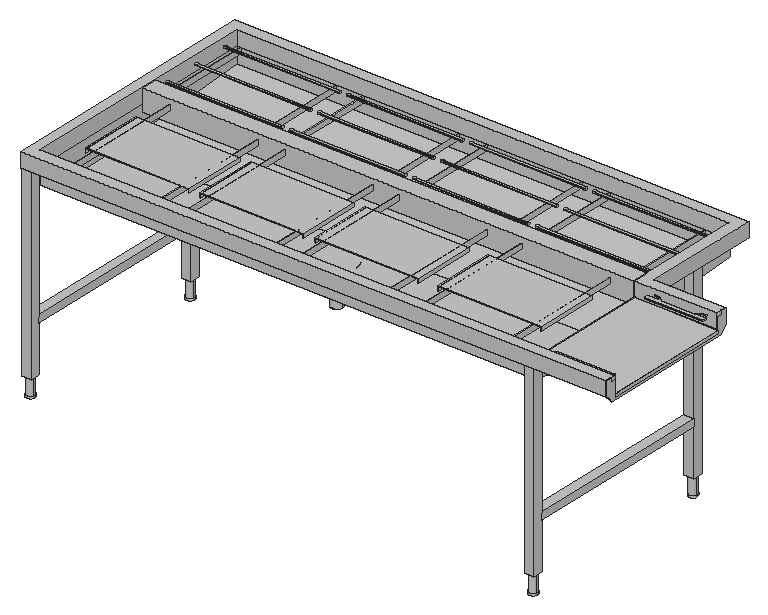
Revit family "QF_ELECTROLUXPROFESSIONAL_865466_HSDDS4RL", category Specialty Equipment, Revit 2018
Family settings
  Round Connector Dimension = Use Diameter
  Part Type = Normal
  Work Plane-Based = No
  Always vertical = Yes
  Cut with Voids When Loaded = No
  Shared = No
  Room Calculation Point = No
Parameters
  Weight = 0.00 kg
  Watts = 0 W
  Volts = 0 V
  URL Manufacturer = ""
  Steam Supply Size = 0 mm
  Steam Supply Minimum Pressure = 0.0 Pa
  Steam Supply Maximum Pressure = 0.0 Pa
  Steam Pounds per Hour = 0
  Refrigeration Suction Line Size = 0 mm
  Refrigeration Liquid Line Size = 0 mm
  Refrigerant Compressor Remote = yes
  Phase = 0
  Length Actual = 0 mm
  Item Number = ""
  Hot Water Size = 0 mm
  Height Actual = 0 mm
  HP = ""
  Gas Size = 0 mm
  Gas KW = 0
  Gas Input Pressure = 0 W
  Depth Actual = 0 mm
  Cycle = 0 Hz
  Condensate Return Size = 0 mm
  Compressed Air Volume = 0.0 L/s
  Compressed Air Size = 0 mm
  Compressed Air Pressure = 0.0 Pa
  Cold Water Size = 0 mm
  Accessory = yes
Reference planes
  plane 1: z = 0
  plane 2 "R": x = 810
  plane 3: z = 910
  plane 4: z = 0
  plane 5: z = 300
  plane 6 "BACK": y = 310
  plane 7 "FRONT": y = -800
  plane 8 "LEFT": x = -1320
  plane 9: x = -255
  plane 10: y = -310
  plane 11 "RIGHT": x = 1110
Forms (mm)
  Extrusion 1, solid, material "QF_Finishes_Stainless Steel"
    sketch origin (0, -490, 0) x (-1, 0, 0) y (0, -1, 0)
      loop
        line (1320, -800) -> (1320, 310) -> (-1107.022, 310) -> (-1107.022, 265) -> (1275, 265) -> (1275, -755) -> (-765, -755) -> (-765, -265) -> (-1107.022, -265) -> (-1107.022, -310) -> (-810, -310) -> (-810, -800) -> (1320, -800)
    from 850.091 to 910
  Extrusion 2, solid, material "QF_Finishes_Stainless Steel"
    sketch origin (0, -490, 0) x (0, -1, 0) y (0, 0, 1)
      loop
        line (-756.248, 850.091) -> (-756.248, 781.928) -> (-131.216, 738.138) -> (130.849, 738.138) -> (266.249, 782.13) -> (266.249, 850.091) -> (265, 850.091) -> (265, 784.879) -> (130.374, 741.138) -> (-131.111, 741.138) -> (-755, 784.848) -> (-755, 850.091) -> (-756.248, 850.091)
    from -765 to 1275
  Revolve 3, solid, material "QF_Finishes_Stainless Steel"
    sketch origin (-255, -490.526, -123.199) x (-1, 0, 0) y (0, 0, 1)
      loop
        line (76.494, 861.337) -> (0, 861.337) -> (0, 697.377) -> (21.946, 697.377) -> (23.47, 698.838) -> (23.47, 734.749) -> (37.25, 740.749) -> (37.25, 742.336) -> (38.457, 743.987) -> (38.457, 746.476)
        arc (38.457, 746.476) -> (65.844, 763.962) -> (76.494, 794.661) r 49.516
        line (76.494, 794.661) -> (76.494, 834.985)
        arc (76.494, 834.985) -> (75.887, 836.598) -> (74.377, 837.43) r 2.49
        arc (74.377, 837.43) -> (71.083, 841.301) -> (74.39, 845.16) r 3.913
        arc (74.39, 845.16) -> (75.89, 845.987) -> (76.494, 847.59) r 2.474
        line (76.494, 847.59) -> (76.494, 861.337)
      axis (0, 861.337) -> (0, 697.377)
    angle from 0 to 360
  Extrusion 4, solid, material "QF_Finishes_Stainless Steel"
    sketch origin (0, -490, 0) x (-1, 0, 0) y (0, -1, 0)
      loop
        line (-765, -330.124) -> (1275, -330.124) -> (1275, -265) -> (-765, -265) -> (-765, -330.124)
    from 820 to 910
  Extrusion 5, solid, material "QF_Finishes_Stainless Steel"
    sketch origin (6.015, -490, -602.691) x (-1, 0, 0) y (0, -1, 0)
      loop
        line (1283.015, 266.249) -> (1283.015, -521.738) -> (1323.015, -521.738) -> (1323.015, 266.249) -> (1283.015, 266.249)
    from 872.691 to 902.691
  Extrusion 6, solid, material "QF_Finishes_Stainless Steel"
    sketch origin (-1277, -490, 0) x (0, -1, 0) y (0, 0, 1)
      loop
        line (-756.248, 781.928) -> (-131.216, 738.138) -> (130.849, 738.138) -> (266.249, 782.13) -> (266.249, 850.091) -> (-756.248, 850.091) -> (-756.248, 781.928)
    from 0 to -2
  Extrusion 7, solid, material "QF_Finishes_Stainless Steel"
    sketch origin (767, -490, 0) x (0, -1, 0) y (0, 0, -1)
      loop
        line (-756.248, -850.091) -> (266.249, -850.091) -> (266.249, -782.13) -> (130.849, -738.138) -> (-131.216, -738.138) -> (-756.248, -781.928) -> (-756.248, -850.091)
    from 0 to -2
  Extrusion 8, solid, material "QF_Finishes_Stainless Steel"
    sketch origin (-516, -490.054, -598.981) x (1, 0, 0) y (0, 1, 0)
      loop
        line (1283, -266.195) -> (1323, -266.195) -> (1323, 521.792) -> (1283, 521.792) -> (1283, -266.195)
    from 869.081 to 898.981
  Extrusion 9, solid, material "QF_Finishes_Stainless Steel"
    sketch origin (0, -482.737, 2.863) x (-1, 0, 0) y (0, -1, 0)
      loop
        line (-200.029, -694.438) -> (-196.981, -694.438) -> (-196.981, -322.861) -> (-200.029, -322.861) -> (-200.029, -694.438)
      loop
        line (196.981, -694.438) -> (200.029, -694.438) -> (200.029, -322.861) -> (196.981, -322.861) -> (196.981, -694.438)
      loop
        line (1220.049, -694.438) -> (1220.049, -322.861) -> (1217.001, -322.861) -> (1217.001, -694.438) -> (1220.049, -694.438)
      loop
        line (823.039, -694.438) -> (823.039, -322.861) -> (819.991, -322.861) -> (819.991, -694.438) -> (823.039, -694.438)
      loop
        line (710.007, -694.438) -> (710.007, -322.861) -> (707.023, -322.861) -> (707.023, -694.438) -> (710.007, -694.438)
      loop
        line (312.997, -694.438) -> (312.997, -322.861) -> (310.013, -322.861) -> (310.013, -694.438) -> (312.997, -694.438)
      loop
        line (-710.071, -694.438) -> (-707.023, -694.438) -> (-707.023, -322.861) -> (-710.071, -322.861) -> (-710.071, -694.438)
      loop
        line (-313.061, -694.438) -> (-310.013, -694.438) -> (-310.013, -322.861) -> (-313.061, -322.861) -> (-313.061, -694.438)
    from 860 to 881.896
  Extrusion 10, solid, material "QF_Finishes_Stainless Steel"
    sketch origin (-2327.512, -755, 0) x (0, -1, 0) y (0, 0, -1)
      loop
        circle (-937.158, -888.745) r 3.985
      loop
        circle (-788.819, -888.745) r 3.985
      loop
        circle (-640.48, -888.745) r 3.985
    from 1067.5 to 1547.5
  Extrusion 11, solid, material "QF_Finishes_Stainless Steel"
    sketch origin (-1817.533, -755, 0) x (0, -1, 0) y (0, 0, -1)
      loop
        circle (-937.158, -888.745) r 3.985
      loop
        circle (-788.819, -888.745) r 3.985
      loop
        circle (-640.48, -888.745) r 3.985
    from 1067.5 to 1547.5
  Extrusion 12, solid, material "QF_Finishes_Stainless Steel"
    sketch origin (-1307.491, -755, 0) x (0, -1, 0) y (0, 0, -1)
      loop
        circle (-937.158, -888.745) r 3.985
      loop
        circle (-788.819, -888.745) r 3.985
      loop
        circle (-640.48, -888.745) r 3.985
    from 1067.5 to 1547.5
  Extrusion 13, solid, material "QF_Finishes_Stainless Steel"
    sketch origin (1557.022, -542.5, 35) x (0, -1, 0) y (0, 0, -1)
      loop
        line (-362.5, -815.091) -> (-362.5, -875) -> (-340, -875) -> (-340, -860) -> (-317.5, -860) -> (-317.5, -808.439) -> (212.5, -808.439) -> (212.5, -860) -> (235, -860) -> (235, -875) -> (257.5, -875) -> (257.5, -815.091) -> (229.909, -787.5) -> (-334.909, -787.5) -> (-362.5, -815.091)
    from -450 to -447.022
  Extrusion 14, solid, material "QF_Finishes_Stainless Steel"
    sketch origin (-275, 1800.751, 0) x (0, -1, 0) y (0, 0, -1)
      loop
        line (2597.773, -875) -> (2597.773, -872) -> (2557, -872) -> (2557, -875) -> (2597.773, -875)
    from 0 to 530
  Extrusion 15, solid, material "QF_Finishes_Stainless Steel"
    sketch origin (0, -490, 0) x (1, 0, 0) y (0, 0, -1)
      loop
        line (-1159.991, -862.863) -> (-1163.039, -862.863) -> (-1163.039, -884.759) -> (-1159.991, -884.759) -> (-1159.991, -862.863)
      loop
        line (-794.991, -862.863) -> (-798.039, -862.863) -> (-798.039, -884.759) -> (-794.991, -884.759) -> (-794.991, -862.863)
      loop
        line (-684.991, -862.863) -> (-688.039, -862.863) -> (-688.039, -884.759) -> (-684.991, -884.759) -> (-684.991, -862.863)
      loop
        line (-319.991, -862.863) -> (-323.039, -862.863) -> (-323.039, -884.759) -> (-319.991, -884.759) -> (-319.991, -862.863)
      loop
        line (-209.991, -862.863) -> (-213.039, -862.863) -> (-213.039, -884.759) -> (-209.991, -884.759) -> (-209.991, -862.863)
      loop
        line (155.009, -862.863) -> (151.961, -862.863) -> (151.961, -884.759) -> (155.009, -884.759) -> (155.009, -862.863)
      loop
        line (300.048, -862.863) -> (297, -862.863) -> (297, -884.759) -> (300.048, -884.759) -> (300.048, -862.863)
      loop
        line (665.048, -862.863) -> (662, -862.863) -> (662, -884.759) -> (665.048, -884.759) -> (665.048, -862.863)
    from -265 to 265
  Extrusion 16, solid, material "QF_Finishes_Stainless Steel"
    sketch origin (2.5, -490, 0) x (1, 0, 0) y (0, 0, -1)
      loop
        line (-769.039, -884.759) -> (-1193.039, -884.759) -> (-1193.039, -871.646) -> (-1196.039, -871.646) -> (-1196.039, -887.746) -> (-766.039, -887.746) -> (-766.039, -871.646) -> (-769.039, -871.646) -> (-769.039, -884.759)
    from -130.374 to 131.111
  Extrusion 17, solid, material "QF_Finishes_Stainless Steel"
    sketch origin (477.5, -490, 0) x (1, 0, 0) y (0, 0, -1)
      loop
        line (-769.039, -884.759) -> (-1193.039, -884.759) -> (-1193.039, -871.646) -> (-1196.039, -871.646) -> (-1196.039, -887.746) -> (-766.039, -887.746) -> (-766.039, -871.646) -> (-769.039, -871.646) -> (-769.039, -884.759)
    from -130.374 to 131.111
  Extrusion 18, solid, material "QF_Finishes_Stainless Steel"
    sketch origin (952.5, -490, 0) x (1, 0, 0) y (0, 0, -1)
      loop
        line (-769.039, -884.759) -> (-1193.039, -884.759) -> (-1193.039, -871.646) -> (-1196.039, -871.646) -> (-1196.039, -887.746) -> (-766.039, -887.746) -> (-766.039, -871.646) -> (-769.039, -871.646) -> (-769.039, -884.759)
    from -130.374 to 131.111
  Extrusion 19, solid, material "QF_Finishes_Stainless Steel"
    sketch origin (510, -490, 0) x (1, 0, 0) y (0, 0, -1)
      loop
        line (597.022, -843.439) -> (257, -847.567) -> (257, -850.068) -> (602.5, -846.169) -> (602.5, -833.439) -> (600, -833.439) -> (600, -843.439) -> (597.022, -843.439)
    from -266.249 to 265
  Extrusion 20, solid, material "QF_Finishes_Stainless Steel"
    sketch origin (510, -490, 0) x (1, 0, 0) y (0, 1, 0)
      loop
        line (330.912, -247.069) -> (375.912, -247.069) -> (360.435, -262.546) -> (340.435, -262.546) -> (340.435, -265) -> (361.517, -265) -> (379.448, -247.069) -> (516.464, -247.069) -> (534.395, -265) -> (555.477, -265) -> (555.477, -262.546) -> (535.477, -262.546) -> (520, -247.069) -> (565, -247.069)
        arc (565, -247.069) -> (568.536, -245.605) -> (570, -242.069) r 5
        line (570, -242.069) -> (570, -232.503)
        arc (570, -232.503) -> (568.536, -228.968) -> (565, -227.503) r 5
        line (565, -227.503) -> (330.912, -227.503)
        arc (330.912, -227.503) -> (327.376, -228.968) -> (325.912, -232.503) r 5
        line (325.912, -232.503) -> (325.912, -242.069)
        arc (325.912, -242.069) -> (327.376, -245.605) -> (330.912, -247.069) r 5
    from 884.759 to 887.746
  Extrusion 21, solid, material "QF_Finishes_Stainless Steel"
    sketch origin (510, -490, 0) x (1, 0, 0) y (0, 1, 0)
      loop
        arc (330.912, 247.069) -> (327.376, 245.605) -> (325.912, 242.069) r 5
        line (325.912, 242.069) -> (325.912, 232.503)
        arc (325.912, 232.503) -> (327.376, 228.968) -> (330.912, 227.503) r 5
        line (330.912, 227.503) -> (565, 227.503)
        arc (565, 227.503) -> (568.536, 228.968) -> (570, 232.503) r 5
        line (570, 232.503) -> (570, 242.069)
        arc (570, 242.069) -> (568.536, 245.605) -> (565, 247.069) r 5
        line (565, 247.069) -> (520, 247.069) -> (535.477, 262.546) -> (555.477, 262.546) -> (555.477, 265) -> (534.395, 265) -> (516.464, 247.069) -> (379.448, 247.069) -> (361.517, 265) -> (340.435, 265) -> (340.435, 262.546) -> (360.435, 262.546) -> (375.912, 247.069) -> (330.912, 247.069)
    from 884.759 to 887.746
  Extrusion 22, solid, material "QF_Finishes_Stainless Steel"
    sketch origin (-797.45, -755, 0) x (0, -1, 0) y (0, 0, -1)
      loop
        circle (-937.158, -888.745) r 3.985
      loop
        circle (-788.819, -888.745) r 3.985
      loop
        circle (-640.48, -888.745) r 3.985
    from 1067.5 to 1547.5
  Extrusion 23, solid, material "QF_Finishes_Stainless Steel"
    sketch origin (1462.542, -490, 0) x (1, 0, 0) y (0, 0, -1)
      loop
        line (-769.039, -884.759) -> (-1193.039, -884.759) -> (-1193.039, -871.646) -> (-1196.039, -871.646) -> (-1196.039, -887.746) -> (-766.039, -887.746) -> (-766.039, -871.646) -> (-769.039, -871.646) -> (-769.039, -884.759)
    from -130.374 to 131.111
Lines and regions (mm)
  Split face 1
    outline origin (131.315, -489.921, 741.138) x (1, 0, 0) y (0, 1, 0)
      loop
        circle (-386.315, -0.035) r 73.783
  Split face 2
    outline origin (131.315, -489.921, 741.138) x (1, 0, 0) y (0, 1, 0)
      loop
        circle (-386.315, -0.035) r 66.01
  Split face 3
    outline origin (131.315, -489.921, 741.138) x (1, 0, 0) y (0, 1, 0)
      loop
        circle (-386.315, -0.035) r 53.774
  Split face 4
    outline origin (131.315, -489.921, 741.138) x (1, 0, 0) y (0, 1, 0)
      loop
        circle (-386.315, -0.035) r 50.771
  Split face 5
    outline origin (131.315, -489.921, 741.138) x (1, 0, 0) y (0, 1, 0)
      loop
        circle (-386.315, -0.035) r 33.793
  Split face 6
    outline origin (131.315, -489.921, 741.138) x (1, 0, 0) y (0, 1, 0)
      loop
        circle (-386.315, -0.035) r 30.826
  Split face 7
    outline origin (131.315, -489.921, 741.138) x (1, 0, 0) y (0, 1, 0)
      loop
        circle (-386.315, -0.035) r 13.843
  Split face 8
    outline origin (131.315, -489.921, 741.138) x (1, 0, 0) y (0, 1, 0)
      loop
        circle (-386.315, -0.035) r 10.833
  symbolic lines
    curve 1: line (-1320, -800, 0) -> (1110, -800, 0)
    curve 2: line (-1320, 310, 0) -> (-1320, -800, 0)
    curve 3: line (810, 310, 0) -> (-1320, 310, 0)
    curve 4: line (810, -180, 0) -> (810, 310, 0)
    curve 5: line (-1275, -755, 0) -> (1110, -755, 0)
    curve 6: line (-1275, 265, 0) -> (-1275, -755, 0)
    curve 7: line (765, 265, 0) -> (-1275, 265, 0)
    curve 8: line (-1275, -225, 0) -> (1110, -225, 0)
    curve 9: line (765, -159.876, 0) -> (-1275, -159.876, 0)
    curve 10: line (-1260.012, -118.505, 0) -> (-1260.012, -110.535, 0)
    curve 11: line (-1260.012, -110.535, 0) -> (-780.012, -110.535, 0)
    curve 12: line (-780.012, -110.535, 0) -> (-780.012, -118.505, 0)
    curve 13: line (-780.012, -118.505, 0) -> (-1260.012, -118.505, 0)
    curve 14: line (-1260.012, 29.834, 0) -> (-1260.012, 37.804, 0)
    curve 15: line (-1260.012, 37.804, 0) -> (-780.012, 37.804, 0)
    curve 16: line (-780.012, 37.804, 0) -> (-780.012, 29.834, 0)
    curve 17: line (-780.012, 29.834, 0) -> (-1260.012, 29.834, 0)
    curve 18: line (-1260.012, 178.173, 0) -> (-1260.012, 186.143, 0)
    curve 19: line (-1260.012, 186.143, 0) -> (-780.012, 186.143, 0)
    curve 20: line (-780.012, 186.143, 0) -> (-780.012, 178.173, 0)
    curve 21: line (-780.012, 178.173, 0) -> (-1260.012, 178.173, 0)
    curve 22: line (-1220.049, -159.876, 0) -> (-1220.049, -118.505, 0)
    curve 23: line (-1217.001, -159.876, 0) -> (-1217.001, -118.505, 0)
    curve 24: line (-1220.049, -110.535, 0) -> (-1220.049, 29.834, 0)
    curve 25: line (-1220.049, 211.7, 0) -> (-1220.049, 186.143, 0)
    curve 26: line (-1220.049, 211.7, 0) -> (-1217.001, 211.7, 0)
    curve 27: line (-1217.001, 211.7, 0) -> (-1217.001, 186.143, 0)
    curve 28: line (-1220.049, 178.173, 0) -> (-1220.049, 37.804, 0)
    curve 29: line (-1217.001, 37.804, 0) -> (-1217.001, 178.173, 0)
    curve 30: line (-1217.001, 29.834, 0) -> (-1217.001, -110.535, 0)
    curve 31: line (-823.039, -159.876, 0) -> (-823.039, -118.505, 0)
    curve 32: line (-819.992, -159.876, 0) -> (-819.992, -118.505, 0)
    curve 33: line (-823.039, -110.535, 0) -> (-823.039, 29.834, 0)
    curve 34: line (-823.039, 211.7, 0) -> (-823.039, 186.143, 0)
    curve 35: line (-823.039, 211.7, 0) -> (-819.992, 211.7, 0)
    curve 36: line (-819.992, 211.7, 0) -> (-819.992, 186.143, 0)
    curve 37: line (-823.039, 178.173, 0) -> (-823.039, 37.804, 0)
    curve 38: line (-819.992, 37.804, 0) -> (-819.992, 178.173, 0)
    curve 39: line (-819.992, 29.834, 0) -> (-819.992, -110.535, 0)
    curve 40: line (-750.033, -118.505, 0) -> (-750.033, -110.535, 0)
    curve 41: line (-750.033, -110.535, 0) -> (-270.033, -110.535, 0)
    curve 42: line (-270.033, -110.535, 0) -> (-270.033, -118.505, 0)
    curve 43: line (-270.033, -118.505, 0) -> (-750.033, -118.505, 0)
    curve 44: line (-750.033, 29.834, 0) -> (-750.033, 37.804, 0)
    curve 45: line (-750.033, 37.804, 0) -> (-270.033, 37.804, 0)
    curve 46: line (-270.033, 37.804, 0) -> (-270.033, 29.834, 0)
    curve 47: line (-270.033, 29.834, 0) -> (-750.033, 29.834, 0)
    curve 48: line (-750.033, 178.173, 0) -> (-750.033, 186.143, 0)
    curve 49: line (-750.033, 186.143, 0) -> (-270.033, 186.143, 0)
    curve 50: line (-270.033, 186.143, 0) -> (-270.033, 178.173, 0)
    curve 51: line (-270.033, 178.173, 0) -> (-750.033, 178.173, 0)
    curve 52: line (-710.071, -159.876, 0) -> (-710.071, -118.505, 0)
    curve 53: line (-707.023, -159.876, 0) -> (-707.023, -118.505, 0)
    curve 54: line (-710.071, -110.535, 0) -> (-710.071, 29.834, 0)
    curve 55: line (-710.071, 211.7, 0) -> (-710.071, 186.143, 0)
    curve 56: line (-710.071, 211.7, 0) -> (-707.023, 211.7, 0)
    curve 57: line (-707.023, 211.7, 0) -> (-707.023, 186.143, 0)
    curve 58: line (-710.071, 178.173, 0) -> (-710.071, 37.804, 0)
    curve 59: line (-707.023, 37.804, 0) -> (-707.023, 178.173, 0)
    curve 60: line (-707.023, 29.834, 0) -> (-707.023, -110.535, 0)
    curve 61: line (-313.061, -159.876, 0) -> (-313.061, -118.505, 0)
    curve 62: line (-310.013, -159.876, 0) -> (-310.013, -118.505, 0)
    curve 63: line (-313.061, -110.535, 0) -> (-313.061, 29.834, 0)
    curve 64: line (-313.061, 211.7, 0) -> (-313.061, 186.143, 0)
    curve 65: line (-313.061, 211.7, 0) -> (-310.013, 211.7, 0)
    curve 66: line (-310.013, 211.7, 0) -> (-310.013, 186.143, 0)
    curve 67: line (-313.061, 178.173, 0) -> (-313.061, 37.804, 0)
    curve 68: line (-310.013, 37.804, 0) -> (-310.013, 178.173, 0)
    curve 69: line (-310.013, 29.834, 0) -> (-310.013, -110.535, 0)
    curve 70: line (-239.991, -118.505, 0) -> (-239.991, -110.535, 0)
    curve 71: line (-239.991, -110.535, 0) -> (240.009, -110.535, 0)
    curve 72: line (240.009, -110.535, 0) -> (240.009, -118.505, 0)
    curve 73: line (240.009, -118.505, 0) -> (-239.991, -118.505, 0)
    curve 74: line (-239.991, 29.834, 0) -> (-239.991, 37.804, 0)
    curve 75: line (-239.991, 37.804, 0) -> (240.009, 37.804, 0)
    curve 76: line (240.009, 37.804, 0) -> (240.009, 29.834, 0)
    curve 77: line (240.009, 29.834, 0) -> (-239.991, 29.834, 0)
    curve 78: line (-239.991, 178.173, 0) -> (-239.991, 186.143, 0)
    curve 79: line (-239.991, 186.143, 0) -> (240.009, 186.143, 0)
    curve 80: line (240.009, 186.143, 0) -> (240.009, 178.173, 0)
    curve 81: line (240.009, 178.173, 0) -> (-239.991, 178.173, 0)
    curve 82: line (-200.029, -159.876, 0) -> (-200.029, -118.505, 0)
    curve 83: line (-196.981, -159.876, 0) -> (-196.981, -118.505, 0)
    curve 84: line (-200.029, -110.535, 0) -> (-200.029, 29.834, 0)
    curve 85: line (-200.029, 211.7, 0) -> (-200.029, 186.143, 0)
    curve 86: line (-200.029, 211.7, 0) -> (-196.981, 211.7, 0)
    curve 87: line (-196.981, 211.7, 0) -> (-196.981, 186.143, 0)
    curve 88: line (-200.029, 178.173, 0) -> (-200.029, 37.804, 0)
    curve 89: line (-196.981, 37.804, 0) -> (-196.981, 178.173, 0)
    curve 90: line (-196.981, 29.834, 0) -> (-196.981, -110.535, 0)
    curve 91: line (196.981, -159.876, 0) -> (196.981, -118.505, 0)
    curve 92: line (200.029, -159.876, 0) -> (200.029, -118.505, 0)
    curve 93: line (196.981, -110.535, 0) -> (196.981, 29.834, 0)
    curve 94: line (196.981, 211.7, 0) -> (196.981, 186.143, 0)
    curve 95: line (196.981, 211.7, 0) -> (200.029, 211.7, 0)
    curve 96: line (200.029, 211.7, 0) -> (200.029, 186.143, 0)
    curve 97: line (196.981, 178.173, 0) -> (196.981, 37.804, 0)
    curve 98: line (200.029, 37.804, 0) -> (200.029, 178.173, 0)
    curve 99: line (200.029, 29.834, 0) -> (200.029, -110.535, 0)
    curve 100: line (765, 265, 0) -> (765, -159.876, 0)
    curve 101: arc (-331.496, -490.526, 0) -> (-255, -567.021, 0) -> (-178.504, -490.526, 0) r 76.496
    curve 102: arc (-178.504, -490.526, 0) -> (-255, -414.03, 0) -> (-331.496, -490.526, 0) r 76.496
    curve 103: arc (-233.054, -490.526, 0) -> (-255, -512.472, 0) -> (-276.946, -490.526, 0) r 21.946
    curve 104: arc (-276.946, -490.526, 0) -> (-255, -468.579, 0) -> (-233.054, -490.526, 0) r 21.946
    curve 105: line (810, -180, 0) -> (1110, -180, 0)
    curve 106: line (1110, -180, 0) -> (1110, -800, 0)
    curve 107: line (1110, -490, 0) -> (1080, -490, 0)
    curve 108: line (-1193.539, -620.374, 0) -> (-763.539, -620.374, 0)
    curve 109: line (-1193.539, -358.889, 0) -> (-1193.539, -620.374, 0)
    curve 110: line (-763.539, -358.889, 0) -> (-1193.539, -358.889, 0)
    curve 111: line (-763.539, -620.374, 0) -> (-763.539, -358.889, 0)
    curve 112: line (-718.539, -620.374, 0) -> (-288.539, -620.374, 0)
    curve 113: line (-718.539, -358.889, 0) -> (-718.539, -620.374, 0)
    curve 114: line (-288.539, -358.889, 0) -> (-718.539, -358.889, 0)
    curve 115: line (-288.539, -620.374, 0) -> (-288.539, -358.889, 0)
    curve 116: line (-243.539, -358.889, 0) -> (186.461, -358.889, 0)
    curve 117: line (-243.539, -620.374, 0) -> (-243.539, -358.889, 0)
    curve 118: line (186.461, -620.374, 0) -> (-243.539, -620.374, 0)
    curve 119: line (186.461, -358.889, 0) -> (186.461, -620.374, 0)
    curve 120: line (-1163.039, -755, 0) -> (-1163.039, -620.374, 0)
    curve 121: line (-1159.991, -620.374, 0) -> (-1159.991, -755, 0)
    curve 122: line (-1163.039, -225, 0) -> (-1163.039, -358.889, 0)
    curve 123: line (-1159.991, -358.889, 0) -> (-1159.991, -225, 0)
    curve 124: line (-798.039, -755, 0) -> (-798.039, -620.374, 0)
    curve 125: line (-794.991, -620.374, 0) -> (-794.991, -755, 0)
    curve 126: line (-798.039, -225, 0) -> (-798.039, -358.889, 0)
    curve 127: line (-794.991, -358.889, 0) -> (-794.991, -225, 0)
    curve 128: line (-688.039, -755, 0) -> (-688.039, -620.374, 0)
    curve 129: line (-684.991, -620.374, 0) -> (-684.991, -755, 0)
    curve 130: line (-688.039, -225, 0) -> (-688.039, -358.889, 0)
    curve 131: line (-684.991, -358.889, 0) -> (-684.991, -225, 0)
    curve 132: line (-323.039, -755, 0) -> (-323.039, -620.374, 0)
    curve 133: line (-319.991, -620.374, 0) -> (-319.991, -755, 0)
    curve 134: line (-323.039, -225, 0) -> (-323.039, -358.889, 0)
    curve 135: line (-319.991, -358.889, 0) -> (-319.991, -225, 0)
    curve 136: line (-213.039, -755, 0) -> (-213.039, -620.374, 0)
    curve 137: line (-209.991, -620.374, 0) -> (-209.991, -755, 0)
    curve 138: line (-213.039, -225, 0) -> (-213.039, -358.889, 0)
    curve 139: line (-209.991, -358.889, 0) -> (-209.991, -225, 0)
    curve 140: line (151.961, -755, 0) -> (151.961, -620.374, 0)
    curve 141: line (155.009, -620.374, 0) -> (155.009, -755, 0)
    curve 142: line (151.961, -225, 0) -> (151.961, -358.889, 0)
    curve 143: line (155.009, -358.889, 0) -> (155.009, -225, 0)
    curve 144: line (807, -225, 0) -> (807, -755, 0)
    curve 145: line (840.912, -717.503, 0) -> (1075, -717.503, 0)
    curve 146: arc (1075, -717.503, 0) -> (1078.536, -718.968, 0) -> (1080, -722.503, 0) r 5
    curve 147: line (1080, -722.503, 0) -> (1080, -732.069, 0)
    curve 148: arc (1080, -732.069, 0) -> (1078.536, -735.605, 0) -> (1075, -737.069, 0) r 5
    curve 149: line (1075, -737.069, 0) -> (1030, -737.069, 0)
    curve 150: line (1030, -737.069, 0) -> (1045.477, -752.546, 0)
    curve 151: line (1045.477, -752.546, 0) -> (1065.477, -752.546, 0)
    curve 152: line (1065.477, -752.546, 0) -> (1065.477, -755, 0)
    curve 153: line (1044.395, -755, 0) -> (1026.464, -737.069, 0)
    curve 154: line (1026.464, -737.069, 0) -> (889.448, -737.069, 0)
    curve 155: line (889.448, -737.069, 0) -> (871.517, -755, 0)
    curve 156: line (850.435, -755, 0) -> (850.435, -752.546, 0)
    curve 157: line (850.435, -752.546, 0) -> (870.435, -752.546, 0)
    curve 158: line (870.435, -752.546, 0) -> (885.912, -737.069, 0)
    curve 159: line (885.912, -737.069, 0) -> (840.912, -737.069, 0)
    curve 160: arc (840.912, -737.069, 0) -> (837.376, -735.605, 0) -> (835.912, -732.069, 0) r 5
    curve 161: line (835.912, -732.069, 0) -> (835.912, -722.503, 0)
    curve 162: arc (835.912, -722.503, 0) -> (837.376, -718.968, 0) -> (840.912, -717.503, 0) r 5
    curve 163: line (840.912, -262.497, 0) -> (1075, -262.497, 0)
    curve 164: arc (1075, -262.497, 0) -> (1078.536, -261.032, 0) -> (1080, -257.497, 0) r 5
    curve 165: line (1080, -257.497, 0) -> (1080, -247.931, 0)
    curve 166: arc (1080, -247.931, 0) -> (1078.536, -244.395, 0) -> (1075, -242.931, 0) r 5
    curve 167: line (1075, -242.931, 0) -> (1030, -242.931, 0)
    curve 168: line (1030, -242.931, 0) -> (1045.477, -227.454, 0)
    curve 169: line (1045.477, -227.454, 0) -> (1065.477, -227.454, 0)
    curve 170: line (1065.477, -227.454, 0) -> (1065.477, -225, 0)
    curve 171: line (1044.395, -225, 0) -> (1026.464, -242.931, 0)
    curve 172: line (1026.464, -242.931, 0) -> (889.448, -242.931, 0)
    curve 173: line (889.448, -242.931, 0) -> (871.517, -225, 0)
    curve 174: line (850.435, -225, 0) -> (850.435, -227.454, 0)
    curve 175: line (850.435, -227.454, 0) -> (870.435, -227.454, 0)
    curve 176: line (870.435, -227.454, 0) -> (885.912, -242.931, 0)
    curve 177: line (885.912, -242.931, 0) -> (840.912, -242.931, 0)
    curve 178: arc (840.912, -242.931, 0) -> (837.376, -244.395, 0) -> (835.912, -247.931, 0) r 5
    curve 179: line (835.912, -247.931, 0) -> (835.912, -257.497, 0)
    curve 180: arc (835.912, -257.497, 0) -> (837.376, -261.032, 0) -> (840.912, -262.497, 0) r 5
    curve 181: line (270.05, -118.505, 0) -> (270.05, -110.535, 0)
    curve 182: line (270.05, -110.535, 0) -> (750.05, -110.535, 0)
    curve 183: line (750.05, -110.535, 0) -> (750.05, -118.505, 0)
    curve 184: line (750.05, -118.505, 0) -> (270.05, -118.505, 0)
    curve 185: line (270.05, 29.834, 0) -> (270.05, 37.804, 0)
    curve 186: line (270.05, 37.804, 0) -> (750.05, 37.804, 0)
    curve 187: line (750.05, 37.804, 0) -> (750.05, 29.834, 0)
    curve 188: line (750.05, 29.834, 0) -> (270.05, 29.834, 0)
    curve 189: line (270.05, 178.173, 0) -> (270.05, 186.143, 0)
    curve 190: line (270.05, 186.143, 0) -> (750.05, 186.143, 0)
    curve 191: line (750.05, 186.143, 0) -> (750.05, 178.173, 0)
    curve 192: line (750.05, 178.173, 0) -> (270.05, 178.173, 0)
    curve 193: line (310.013, -159.876, 0) -> (310.013, -118.505, 0)
    curve 194: line (313.061, -159.876, 0) -> (313.061, -118.505, 0)
    curve 195: line (310.013, -110.535, 0) -> (310.013, 29.834, 0)
    curve 196: line (310.013, 211.7, 0) -> (310.013, 186.143, 0)
    curve 197: line (310.013, 211.7, 0) -> (313.061, 211.7, 0)
    curve 198: line (313.061, 211.7, 0) -> (313.061, 186.143, 0)
    curve 199: line (310.013, 178.173, 0) -> (310.013, 37.804, 0)
    curve 200: line (313.061, 37.804, 0) -> (313.061, 178.173, 0)
    curve 201: line (313.061, 29.834, 0) -> (313.061, -110.535, 0)
    curve 202: line (707.023, -159.876, 0) -> (707.023, -118.505, 0)
    curve 203: line (710.07, -159.876, 0) -> (710.07, -118.505, 0)
    curve 204: line (707.023, -110.535, 0) -> (707.023, 29.834, 0)
    curve 205: line (707.023, 211.7, 0) -> (707.023, 186.143, 0)
    curve 206: line (707.023, 211.7, 0) -> (710.07, 211.7, 0)
    curve 207: line (710.07, 211.7, 0) -> (710.07, 186.143, 0)
    curve 208: line (707.023, 178.173, 0) -> (707.023, 37.804, 0)
    curve 209: line (710.07, 37.804, 0) -> (710.07, 178.173, 0)
    curve 210: line (710.07, 29.834, 0) -> (710.07, -110.535, 0)
    curve 211: line (266.502, -358.889, 0) -> (696.502, -358.889, 0)
    curve 212: line (266.502, -620.374, 0) -> (266.502, -358.889, 0)
    curve 213: line (696.502, -620.374, 0) -> (266.502, -620.374, 0)
    curve 214: line (696.502, -358.889, 0) -> (696.502, -620.374, 0)
    curve 215: line (297.002, -755, 0) -> (297.002, -620.374, 0)
    curve 216: line (300.05, -620.374, 0) -> (300.05, -755, 0)
    curve 217: line (297.002, -225, 0) -> (297.002, -358.889, 0)
    curve 218: line (300.05, -358.889, 0) -> (300.05, -225, 0)
    curve 219: line (662.002, -755, 0) -> (662.002, -620.374, 0)
    curve 220: line (665.05, -620.374, 0) -> (665.05, -755, 0)
    curve 221: line (662.002, -225, 0) -> (662.002, -358.889, 0)
    curve 222: line (665.05, -358.889, 0) -> (665.05, -225, 0)
Dimensions and locks
  plane 3 to level = 910 mm
  plane 8 "LEFT" to plane 2 "R" = 2130 mm
  plane 6 "BACK" to plane 7 "FRONT" = 1110 mm
  plane 9 to plane 2 "R" = 1065 mm
  plane 6 "BACK" to plane 10 = 620 mm
  plane 8 "LEFT" to plane 11 "RIGHT" = 2430 mm
  locked: plane 2 "R" to plane 11 "RIGHT" at 300
  aligned and locked: level to plane 1
  aligned and locked: Extrusion 13 to Extrusion 1  (x2)
Nested families
  nested 1: "Foot_40x40" at (-1297, 51.738, 0), type "Foot_40x40"
    with A 850.091 mm
  nested 2: "Foot_40x40" at (-1297, -776.249, 0), type "Foot_40x40"
    with A 850.091 mm
  nested 3: "Foot_40x40" at (787, 51.738, 0) x (-1, 0, 0) z (0, 0, 1), type "Foot_40x40"
    with A 850.091 mm
  nested 4: "Foot_40x40" at (787, -776.249, 0) x (-1, 0, 0) z (0, 0, 1), type "Foot_40x40"
    with A 850.091 mm
Connectors
  piping at (-255, -490.526, 574.178), diameter 30
    settings: on Revolve 3, index 1, connector inside diameter 609.6 mm, connector length 0 mm, flow factor 0, pipe flow 0.0 L/s, pressure drop 0.0 Pa, fitting loss kfactor 0, connector angle 0.00°, fixture units 0, engagement length 0 mm, angle of deflection 0.00°, flow configuration 1, flow direction 2, fitting loss method 0, system type 16, joint type 0, gender type 0, connector reference index -1, connector utility 0, adjustable connector no, is connector primary yes, connector description "DRAIN"
Definition of nested family "Foot_40x40"
  Parameters
    A [instance] = 850 mm
  Reference planes
    plane 1 "Centro (Fronte/Retro)": y = 0
    plane 2: z = 0
    plane 3 "Centro (Sinistra/Destra)": x = 0
    plane 4: z = 850
  Forms (mm)
    Extrusion 1, solid
      sketch origin (0, 0, 0) x (1, 0, 0) y (0, 1, 0)
        loop
          circle (0, 0) r 18
      from 0 to 5
    Extrusion 2, solid
      sketch origin (0, 0, 5) x (1, 0, 0) y (0, 1, 0)
        loop
          circle (0, 0) r 15
      from 0 to 70
    Extrusion 3, solid
      sketch origin (0, 0, 75) x (1, 0, 0) y (0, 1, 0)
        loop
          line (-20, 20) -> (-20, -20) -> (20, -20) -> (20, 20) -> (-20, 20)
      from 0 to 775
  Dimensions and locks
    "A": plane 4 to plane 2
    aligned and locked: level to plane 2
    aligned and locked: plane 4 to Extrusion 3
    aligned and locked: Extrusion 1 to level
  Automatic sketch dimensions
    plane 1 "Centro (Fronte/Retro)" to Extrusion 1 sketch curve = 0 mm
    Extrusion 1 sketch curve to plane 3 "Centro (Sinistra/Destra)" = 0 mm
    Extrusion 3 sketch curve to Extrusion 3 sketch curve = 40 mm  (x2)
    radius of Extrusion 1 sketch curve = 18 mm
    radius of Extrusion 2 sketch curve to Extrusion 1 = 3 mm
